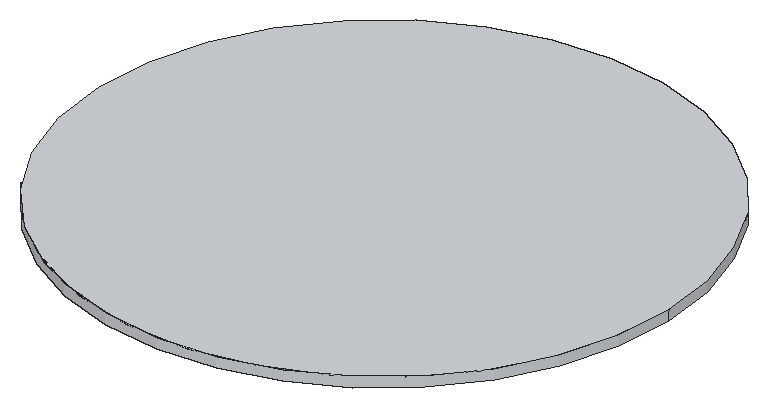
Revit family "CITY", category Lighting Fixtures, host Face, Revit 2023 (continued)
Types (10, lengths in mm): name | Radio | Photometric Web File | built-in parameter 1150142 | Manufacturer | LuxLight_Watios | LuxLight_Temperatura | LuxLight_Lumenes
    752.158813\r\n 725.570679 699.31073 672.581909 645.712402 618.139526 591.36377 564.400452 536.68689 510.098724 483.510559 456.875519 428.974365 402.339294 375.000885 347.568634 321.261841 294.720581 268.695129 242.669693 217.488312 192.494507 168.204086\r\n 144.617081 121.405182 98.943581 77.232269 56.365017 35.591557 18.381937 6.564977\r\n1596.36792 1596.743164 1595.945923 1594.820557 1592.804199 1591.491089 1589.474731 1587.036377 1583.284912 1579.345947 1575.031738 1570.061157 1564.715332 1559.369629 1552.054443 1545.208008 1537.799072 1530.343018 1521.24585 1512.852051\r\n 1503.332886 1492.547607 1482.746948 1471.492798 1460.613525 1448.140259 1436.229492 1423.287109 1409.969604 1396.32373 1381.833862 1367.390991 1352.526001 1336.86377 1320.216919 1303.804565 1287.345093 1269.854248 1251.75354 1233.793701\r\n 1214.567749 1195.857544 1175.646729 1155.951782 1135.41272 1115.295898 1093.678345 1072.060791 1049.786743 1027.653442 1004.535339 982.355042 958.533569 934.243103 910.281006 885.99054 861.184326 835.862305 810.821533 784.796143 759.005127\r\n 732.9328 706.532227 679.428284 653.12146 625.689209 598.772827 571.621948 544.189697 516.710571 489.372162 462.033722 434.460815 407.591278 380.393524 353.383331 326.701385 300.394623 274.322235 248.765747 223.818832 198.449875 174.112579\r\n 150.713104 127.595024 105.039635 83.656563 62.929996 43.281956 25.322056 10.644641\r\n1596.36792 1597.68103 1596.930786 1597.071411 1594.820557 1593.413696 1591.491089 1588.583862 1585.20752 1581.690552 1577.42334 1571.890015 1567.529053 1561.151611 1555.196167 1548.537476 1541.878662 1533.391113 1525.466187 1516.087769\r\n 1507.084229 1497.283813 1486.967407 1476.182007 1465.443604 1453.29834 1441.200073 1428.35144 1416.018677 1402.185303 1387.226563 1373.346313 1357.918579 1342.444092 1326.172241 1310.697754 1293.394287 1276.137817 1258.130981 1239.936646\r\n 1221.554688 1202.234863 1182.540039 1163.220093 1142.681152 1122.095215 1100.759033 1079.141602 1056.773682 1035.15625 1012.319458 989.435852 965.661255 942.355591 918.393433 893.821594 869.109192 844.068542 818.699585 793.189941\r\n 767.492676 740.62323 714.26947 687.962769 661.046265 633.989258 607.119751 580.156433 552.630371 525.432678 499.078949 472.72525 444.871002 417.813904 390.569244 363.465271 336.595764 310.101379 283.6539 257.722229 232.212616 207.171921\r\n 182.506363 158.825562 135.191635 112.589363 90.737358 69.54187 49.800041 30.058216 14.25538\r\n1596.36792 1596.133545 1596.227295 1595.945923 1595.008179 1592.991699 1590.60022 1588.443115 1585.11377 1581.362305 1576.626099 1573.015381 1567.341431 1561.667358 1555.008667 1548.724976 1540.847046 1533.156738 1525.091064 1516.603516\r\n 1507.60022 1497.611938 1487.201782 1476.182007 1465.256104 1453.532837 1441.809692 1428.44519 1414.893311 1401.575806 1387.601685 1372.736694 1357.777954 1342.444092 1326.547363 1310.088135 1293.488159 1275.715698 1258.130981 1240.124268\r\n 1221.92981 1201.719116 1183.61853 1162.798096 1142.587402 1121.673218 1100.337036 1079.235352 1057.195801 1034.546631 1012.319458 989.342041 965.895691 942.214905 917.830688 893.118286 868.874756 843.88092 818.324402 792.627197 766.789368\r\n 741.092163 714.128845 687.63446 660.811829 633.754761 607.072815 579.546814 552.114624 524.776123 497.625275 470.099243 442.573242 415.797516 388.505951 361.448914 334.907623 308.694611 282.622253 256.925079 231.321655 206.749878\r\n 182.178116 158.450424 135.379211 112.683144 91.018715 70.198364 50.268967 31.793247 15.052555\r\n1596.36792 1595.945923 1595.852173 1594.914307 1593.413696 1591.209839 1588.349365 1585.723267 1581.784424 1578.032959 1573.015381 1567.716553 1561.85498 1555.993286 1549.522095 1542.347656 1534.704102 1526.404053 1517.588257 1508.913086\r\n 1499.487671 1488.514893 1478.385986 1467.084839 1455.127197 1443.028809 1430.55542 1417.050293 1403.779785 1389.852539 1374.987549 1359.700562 1344.554199 1328.563721 1312.198364 1295.129395 1278.060425 1260.334961 1242.468872 1223.383545\r\n 1204.438843 1184.650146 1164.814453 1144.744507 1123.783447 1102.869263 1080.923584 1059.024536 1036.75061 1013.726257 991.358459 967.724548 943.715454 919.42511 895.134644 870.187744 845.100159 820.012573 793.611938 767.680298 741.654846\r\n 715.207336 688.24408 661.70282 634.36438 607.025879 580.062622 552.817932 524.869934 497.531494 470.052368 442.432556 415.094116 387.896362 360.97998 334.251129 307.709839 281.215485 255.612076 230.149353 205.389999 180.724457 156.949844\r\n 133.691071 111.32325 89.424362 68.604012 48.721512 30.011324 12.989277 0.890961\r\n1596.36792 1597.165161 1596.836914 1596.039673 1594.210938 1592.28833 1590.365723 1587.364624 1584.31665 1579.345947 1575.21936 1570.577026 1564.527832 1558.947632 1552.195068 1544.879761 1537.7052 1528.842529 1520.730103 1512.242554\r\n 1502.957642 1492.031738 1481.621582 1470.695557 1460.004028 1446.967896 1434.822632 1421.598877 1408.140747 1393.885376 1379.817505 1364.952515 1349.806152 1334.050293 1317.590942 1300.709473 1283.312378 1265.727661 1247.439453 1229.338867\r\n 1209.925293 1190.605469 1170.910522 1150.699829 1129.879517 1108.730835 1087.113403 1065.355103 1043.03418 1020.009888 997.64209 973.58606 949.858398 925.708679 901.136902 876.471375 851.149292 826.014832 799.848694 773.917053 748.079163\r\n 721.162781 694.668396 667.517456 640.366638 613.215759 585.642822 558.398254 530.543945 503.862 477.180054 450.451233 422.64386 395.352295 367.826294 340.769226 314.227966 287.358429 261.332977 235.776474 210.219955 185.460602 161.498444\r\n 137.723846 114.980888 92.706856 71.370674 51.30061 31.277428 14.724306 1.641244\r\n1596.36792 1596.649414 1595.852173 1594.914307 1593.601318 1591.584961 1589.380981 1586.520508 1583.00354 1579.580322 1574.937988 1569.45166 1564.011963 1558.760132 1551.866821 1544.410889 1537.5177 1529.545898 1521.1521 1511.820557\r\n 1501.738525 1492.125488 1482.231201 1470.414185 1459.066162 1447.249146 1434.63501 1421.692627 1408.046997 1393.979126 1379.911255 1365.093262 1349.618652 1334.144043 1317.872192 1301.084595 1283.406128 1266.009033 1247.814575 1229.245117\r\n 1210.534912 1190.417847 1171.426392 1150.699829 1130.067017 1108.918457 1087.394653 1065.777222 1043.03418 1020.385071 997.126282 973.351624 949.670837 925.614868 901.183777 876.190002 851.149292 825.686523 799.473572 773.494995 747.516479\r\n 720.928284 694.293274 667.095459 639.803894 612.606201 585.220825 557.647949 529.746765 502.314545 474.647858 447.121857 419.314453 392.257416 364.77829 337.674286 311.039246 284.591766 258.331848 232.916016 207.922211 182.881516\r\n 158.778671 135.285416 112.542473 90.456009 69.494972 49.424896 30.949177 14.771199 2.485313\r\n1596.36792 1596.836914 1596.46167 1596.039673 1594.023315 1592.28833 1589.756104 1587.036377 1583.706909 1579.674194 1575.641479 1570.577026 1565.231323 1559.135254 1552.38269 1545.58313 1538.549316 1530.53064 1521.761719 1513.55542\r\n 1503.848755 1493.532349 1483.12207 1471.914795 1460.98877 1448.749756 1435.85437 1423.709106 1409.875854 1395.620361 1381.740112 1366.6875 1351.213013 1334.941162 1319.091553 1302.585205 1285.141235 1267.415771 1249.455811 1230.745605\r\n 1211.94165 1192.246704 1172.598755 1152.294189 1131.567627 1110.231445 1088.942261 1066.386719 1044.34729 1021.416687 998.298584 974.523926 951.124512 926.740295 901.840271 877.127869 852.040222 826.436829 800.317566 774.198364 747.610229\r\n 721.022095 694.199402 667.048584 639.475647 612.090332 584.798828 557.272827 529.324707 502.595886 475.867065 448.528595 420.908813 393.570374 365.434753 338.33078 311.601959 284.591766 258.425659 232.540878 206.890564 181.943649\r\n 157.559448 133.972427 110.99501 88.720978 67.197227 47.220943 27.244656 12.051422 2.110171\r\n1596.36792 1597.071411 1596.227295 1595.758423 1594.023315 1592.006958 1589.380981 1586.520508 1582.90979 1579.486572 1574.515991 1570.061157 1564.199585 1558.150391 1551.585449 1544.176392 1536.720459 1528.936401 1520.214355 1510.929443\r\n 1501.551025 1491.140747 1481.011963 1469.898438 1458.081421 1445.936279 1432.993774 1419.957642 1406.499512 1392.572266 1377.89502 1363.170654 1347.602173 1331.611816 1314.918091 1298.45874 1281.202148 1263.289185 1245.094849 1226.197021\r\n 1206.595947 1187.182373 1166.971558 1146.526367 1125.706055 1104.979492 1082.939941 1060.806519 1038.298096 1015.226868 991.780518 968.334167 944.325073 919.753296 895.27533 870.000183 844.818787 819.121582 792.955444 766.601807 740.341858\r\n 713.659912 686.555908 659.264404 632.207275 604.493713 576.967712 549.301025 521.259216 493.451813 465.785126 438.165344 410.498657 382.83197 355.634216 328.389526 301.707581 274.744293 248.812637 223.068542 197.74649 172.846466 148.743622\r\n 125.34417 102.507431 80.467865 59.459938 39.389862 23.399454 7.409046 1.21921\r\n1596.36792 1596.227295 1595.945923 1595.148804 1593.507568 1591.397339 1589.052734 1585.910889 1582.300171 1578.267456 1573.109131 1568.326172 1562.605225 1555.899536 1549.756592 1542.675903 1535.313721 1526.779297 1517.400635 1509.194458\r\n 1498.925049 1489.21814 1478.198486 1467.178711 1455.455444 1442.700684 1430.883667 1417.659912 1403.170044 1389.618042 1374.471802 1359.841187 1344.460449 1328.094849 1311.82312 1294.332153 1277.122559 1259.25647 1240.827637 1221.92981\r\n 1202.750732 1182.633789 1162.798096 1142.399902 1121.157471 1099.821289 1077.922363 1055.085693 1033.327393 1009.59967 986.622314 962.284973 938.510376 914.313782 889.132385 864.419922 838.675781 812.791077 786.812561 760.693298 734.198914\r\n 706.625977 680.037842 652.652466 625.220337 597.741211 570.168274 542.689148 515.491394 488.340515 461.142761 433.335388 405.621826 378.095795 350.429108 323.278259 296.268036 269.351624 243.419983 217.488312 192.11937 167.172455\r\n 143.163391 119.52948 96.692734 74.512489 53.363888 31.980816 14.302272 3.516952 0.844069\r\n1596.36792 1596.227295 1595.242554 1594.210938 1592.710449 1589.990479 1587.270752 1584.222778 1579.768066 1576.016602 1570.952148 1566.309692 1560.166748 1553.367432 1546.333496 1539.62793 1531.046509 1522.65271 1514.258911 1504.458252\r\n 1494.376343 1483.825439 1472.946411 1461.410889 1449.687622 1437.35498 1424.224854 1410.438477 1397.214722 1383.287598 1367.90686 1351.916382 1336.86377 1320.498291 1304.03894 1286.641846 1269.057007 1250.768921 1231.871094 1213.160889\r\n 1193.465942 1173.817871 1153.232056 1132.505493 1111.872681 1089.83313 1068.309326 1045.660156 1022.917236 999.705322 975.977661 952.296814 927.584351 903.622253 877.924988 852.978088 827.468506 802.052612 775.558289 749.017029 722.522644\r\n 695.606262 668.314697 641.070007 613.731628 586.252441 558.492004 530.543945 502.36145 475.069885 447.215637 419.595825 391.929138 364.356232 337.205383 309.960724 283.466339 257.11264 231.040298 205.765152 180.53688 156.152679 132.143616\r\n 109.259979 86.70459 65.227737 44.594952 25.22827 8.440685 1.688137 0.750283\r\n" | "LUXLIGHT" | 50 W | 0 K | 5000 lm
